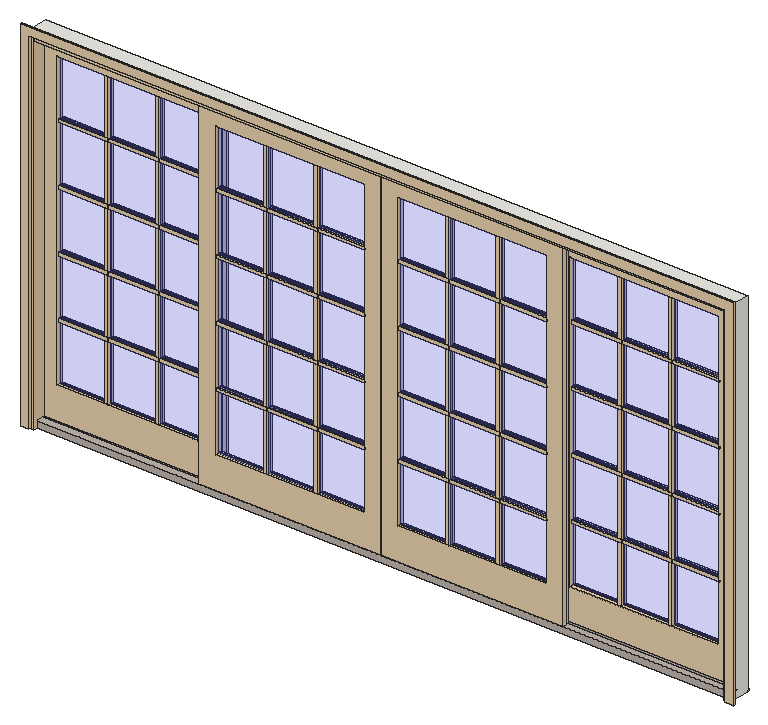
Revit family "2Door-Gliding-Andersen-400_Series-Quad", category Doors, host Wall, Revit 2013 (continued)
Dimensions and locks (in)
  "casing2": plane 20 "R Casing 4" to plane 18 "R Casing 2"
  "casing3": plane 20 "R Casing 4" to plane 19 "R Casing 3"
  "casing1": plane 29 "T Casing 1" to plane 5 "T Frame"
  "casing4": plane 5 "T Frame" to plane 32 "T Casing 4"
  "casing2": plane 30 "T Casing 2" to plane 32 "T Casing 4"
  "casing3": plane 31 "T Casing 3" to plane 32 "T Casing 4"
  locked: plane 3 "R Frame" to plane 35 "R Xjamb 2" at 0.125
  locked: plane 3 "R Frame" to plane 36 "R Xjamb 1" at 0.75
  "Interior Trim Size": plane 34 "R Int Casing" to plane 36 "R Xjamb 1"
  locked: plane 38 "L Xjamb 2" to plane 4 "L Frame" at 0.125
  locked: plane 39 "L Xjamb 1" to plane 4 "L Frame" at 0.75
  "Interior Trim Size": plane 39 "L Xjamb 1" to plane 37 "L Int Casing"
  locked: plane 41 "T Xjamb 2" to plane 5 "T Frame" at 0.125
  locked: plane 42 "T Xjamb 1" to plane 5 "T Frame" at 0.75
  locked: plane 42 "T Xjamb 1" to plane 40 "T Int Casing" at 2.25
  plane 45 "T Panel" to plane 5 "T Frame" = 0' - 1 5/32"
  plane 3 "R Frame" to plane 44 "R Panel" = 0' - 0 15/16"
  locked: plane 43 "L Panel" to plane 4 "L Frame" at 0.938
  locked: plane 51 "Panel1 S1" to plane 52 "Panel1 S2" at 1.71875
  "xjamb S1": plane 53 "Xjamb S1" to plane 9 "Frame S2"
  locked: Extrusion 2 to host wall at 12
  "Void Depth": plane 14 "Exterior Offset" to Extrusion 2
  "Wall Thickness": host wall to host wall
  "Wall Depth": host wall to plane 10 "Flange"
  "casingS1": plane 13 "Casing S1" to plane 11 "Frame S1"
  "Frame Depth": plane 54 "Frame S2 Ext" to plane 9 "Frame S2"
  locked: plane 54 "Frame S2 Ext" to plane 55 "Stop Exterior" at 3.33265
  "Panel Height": plane 46 "B Panel" to plane 45 "T Panel"
  "Sill Interior Offset": plane 9 "Frame S2" to plane 57 "Sill Interior"
  locked: plane 54 "Frame S2 Ext" to plane 11 "Frame S1" at 0
  "Sill Depth": plane 58 "Sill Exterior" to plane 57 "Sill Interior"
  plane 61 "T Stop" to plane 42 "T Xjamb 1" = 0' - 1.05152"
  "Sill Height": level to plane 62 "Sill Height"
  plane 52 "Panel1 S2" to plane 9 "Frame S2" = 0' - 0.75634"
  locked: plane 63 "Panel2 S1" to plane 64 "Panel2 S2" at 1.71875
  locked: plane 54 "Frame S2 Ext" to plane 63 "Panel2 S1" at 1.01525
  locked: plane 55 "Stop Exterior" to plane 56 "Stop Interior" at 0.38604
  "Panel Width": plane 44 "R Panel" to plane 65 "RS Panel Width"
  locked: plane 4 "L Frame" to curve 16 at 1.625
  locked: curve 17 to plane 3 "R Frame" at 1.625
  locked: plane 5 "T Frame" to curve 18 at 1.625
  "Panel Width": plane 66 "LS Panel Width" to plane 43 "L Panel"
  locked: plane 67 "RS Panel Jamb" to plane 65 "RS Panel Width" at 4.4375
  locked: plane 66 "LS Panel Width" to plane 68 "LS Panel Glazing" at 4.4375
  locked: plane 51 "Panel1 S1" to plane 70 "Panel 1 Glazing 2" at 0.40625
  locked: plane 69 "Panel 1 Glazing 1" to plane 52 "Panel1 S2" at 0.5625
  locked: plane 63 "Panel2 S1" to plane 72 "Panel 2 Glazing 1" at 0.40625
  locked: plane 71 "Panel 2 Glazing 2" to plane 64 "Panel2 S2" at 0.5625
  locked: curve 90 to plane 70 "Panel 1 Glazing 2" at 0.125
  locked: curve 89 to plane 69 "Panel 1 Glazing 1" at 0.125
  locked: curve 91 to plane 71 "Panel 2 Glazing 2" at 0.125
  locked: plane 72 "Panel 2 Glazing 1" to curve 92 at 0.125
  locked: plane 48 "T Glazing" to curve 106 at 0.88911
  locked: plane 72 "Panel 2 Glazing 1" to curve 111 at 0.125
  locked: curve 112 to plane 71 "Panel 2 Glazing 2" at 0.125
  locked: plane 70 "Panel 1 Glazing 2" to curve 113 at 0.125
  locked: curve 114 to plane 69 "Panel 1 Glazing 1" at 0.125
  equal spacing: plane 45 "T Panel", plane 73 "Panel Elevation Center", plane 46 "B Panel"
  "JGO": plane 3 "R Frame" to plane 50 "R Glazing"
  "JGO": plane 49 "L Glazing" to plane 4 "L Frame"
  "HGO": plane 48 "T Glazing" to plane 5 "T Frame"
  "SGO": plane 47 "B Glazing" to level
  plane 68 "LS Panel Glazing" to plane 49 "L Glazing" = 3' - 4.188"
  "TS V Bar Length": plane 74 "Vertical Bar Length" to plane 48 "T Glazing"
  plane 74 "Vertical Bar Length" to plane 48 "T Glazing" = 6' - 7 3/8"
  locked: plane 59 "L Stop" to plane 43 "L Panel" at 0.78125
  plane 50 "R Glazing" to nested 2 to plane 67 "RS Panel Jamb" = 1' - 8 3/32", 1' - 8 3/32"
  plane 74 "Vertical Bar Length" to nested 1 to plane 48 "T Glazing" = 3' - 3 11/16", 3' - 3 11/16"
  curve 124 to curve 123 = 0' - 4.22092"
  locked: plane 75 "L Slide Arrow" to curve 122 at 6.95654
  locked: plane 75 "L Slide Arrow" to curve 123 at 2.69739
  locked: plane 75 "L Slide Arrow" to curve 124 at 2.69739
  locked: plane 73 "Panel Elevation Center" to curve 123 at 2.11046
  locked: curve 124 to plane 73 "Panel Elevation Center" at 2.11046
  Sweep 16 sketch curve to Sweep 16 sketch curve to Sweep 16 sketch curve to Sweep 16 sketch curve to Sweep 16 sketch curve to Sweep 16 sketch curve to plane 53 "Xjamb S1" = 0' - 0.99876" locked, 0' - 0.01526" locked, 0' - 1.71997" locked, 0' - 0.22956" locked, 0' - 0.05789" locked, 0' - 2.85355" locked
  locked: Sweep 7 sketch curve to plane 53 "Xjamb S1" at 5.874
  Sweep 7 sketch curve to Sweep 7 sketch curve to Sweep 7 sketch curve to plane 53 "Xjamb S1" = 0' - 0.391" locked, 0' - 1.9178" locked, 0' - 0.6897" locked
  Sweep 7 sketch curve to Sweep 7 sketch curve to plane 5 "T Frame" = 0' - 0.807" locked, 0' - 1" locked
  Sweep 7 sketch curve to Sweep 7 sketch curve to plane 5 "T Frame" = 0' - 0 3/4" locked, 0' - 1" locked
  locked: plane 10 "Flange" to plane 9 "Frame S2" at 4.5625
  Sweep 9 sketch curve to Sweep 9 sketch curve to Sweep 9 sketch curve to Sweep 9 sketch curve to Sweep 9 sketch curve to Sweep 9 sketch curve to plane 9 "Frame S2" = 0' - 1.33779" locked, 0' - 1.774" locked, 0' - 0.61624" locked, 0' - 0.365" locked, 0' - 1.416" locked, 0' - 0.74376" locked
  Sweep 9 sketch curve to Sweep 9 sketch curve to Sweep 9 sketch curve to Sweep 9 sketch curve to Sweep 9 sketch curve to Sweep 9 sketch curve to level = 0' - 0.81928" locked, 0' - 0.63582" locked, 0' - 0.03427" locked, 0' - 0.06195" locked, 0' - 0.04435" locked, 0' - 0.3616" locked
  locked: Sweep 9 sketch curve to level at 1.97899
  locked: plane 3 "R Frame" to plane 60 "R Stop" at 1.719
  plane 44 "R Panel" to plane 50 "R Glazing" = 0' - 4 3/8"
  locked: plane 48 "T Glazing" to curve 155 at 0.88911
  locked: plane 76 "RA Panel Glazing" to plane 79 "LA Panel Width" at 4.4375
  locked: plane 78 "RA Panel Width" to plane 77 "LA Panel Glazing" at 4.4375
  "Panel Width": plane 78 "RA Panel Width" to plane 68 "LS Panel Glazing"
  "Panel Width": plane 67 "RS Panel Jamb" to plane 79 "LA Panel Width"
  plane 54 "Frame S2 Ext" to Sweep 16 sketch curve to Sweep 16 sketch curve to Sweep 16 sketch curve to Sweep 16 sketch curve to Sweep 16 sketch curve = 0' - 0.99876" locked, 0' - 0.01526" locked, 0' - 1.71997" locked, 0' - 0.22956" locked, 0' - 0.05789" locked
  plane 3 "R Frame" to Sweep 16 sketch curve to Sweep 16 sketch curve to Sweep 16 sketch curve = 0' - 0.938" locked, 0' - 0.437" locked, 0' - 0.344" locked
  locked: plane 3 "R Frame" to Sweep 16 sketch curve at 1.375
  equal spacing: plane 76 "RA Panel Glazing", nested 3, plane 65 "RS Panel Width"  (x2)
  equal spacing: plane 74 "Vertical Bar Length", nested 1, plane 48 "T Glazing"
  equal spacing: group 22, group 38, group 39, group 23  (x2)
  equal spacing: group 23, group 39, group 38, group 22
  "VGB DLO": plane 76 "RA Panel Glazing" to nested 5
  group 25 to group 24 = 1' - 1 19/32"
  group 24 to group 25 = 0' - 0"  (x2)
  "VGB DLO": nested 6 to plane 65 "RS Panel Width"
  "TS SH DLO": nested 7 to plane 5 "T Frame"
  "TS HGB DLO": nested 8 to plane 48 "T Glazing"
  equal spacing: group 26, group 40, group 41, group 27  (x2)
  equal spacing: group 27, group 41, group 40, group 26
  "TS HGB DLO": plane 74 "Vertical Bar Length" to nested 9
  equal spacing: plane 66 "LS Panel Width", nested 10, plane 77 "LA Panel Glazing"
  "VGB DLO": plane 66 "LS Panel Width" to nested 11
  group 29 to group 28 = 1' - 1 19/32"
  group 28 to group 29 = 0' - 0"  (x2)
  "VGB DLO": nested 12 to plane 77 "LA Panel Glazing"
  "TS SH DLO": nested 13 to plane 5 "T Frame"
  "TS HGB DLO": nested 14 to plane 48 "T Glazing"
  equal spacing: group 30, group 42, group 43, group 31  (x2)
  equal spacing: group 31, group 43, group 42, group 30
  "TS HGB DLO": plane 74 "Vertical Bar Length" to nested 15
  equal spacing: plane 68 "LS Panel Glazing", nested 16, plane 49 "L Glazing"
  "VGB DLO": plane 49 "L Glazing" to nested 17
  group 33 to group 32 = 1' - 1.65675"
  group 32 to group 33 = 0' - 0"  (x2)
  "VGB DLO": nested 18 to plane 68 "LS Panel Glazing"
  "TS SH DLO": nested 19 to plane 5 "T Frame"
  "TS HGB DLO": nested 20 to plane 48 "T Glazing"
  equal spacing: group 34, group 44, group 45, group 35  (x2)
  equal spacing: group 35, group 45, group 44, group 34
  "TS HGB DLO": plane 74 "Vertical Bar Length" to nested 21
  equal spacing: plane 74 "Vertical Bar Length", nested 22, plane 48 "T Glazing"
  equal spacing: plane 74 "Vertical Bar Length", nested 23, plane 48 "T Glazing"
  equal spacing: plane 74 "Vertical Bar Length", nested 24, plane 48 "T Glazing"
  curve 273 to curve 272 = 0' - 4.22092"
  locked: plane 80 "R Slide Arrow" to curve 271 at 6.95654
  locked: plane 80 "R Slide Arrow" to curve 272 at 2.69739
  locked: plane 80 "R Slide Arrow" to curve 273 at 2.69739
  locked: plane 73 "Panel Elevation Center" to curve 272 at 2.11046
  locked: curve 273 to plane 73 "Panel Elevation Center" at 2.11046
  locked: plane 66 "LS Panel Width" to curve 279 at 1
  locked: curve 281 to plane 65 "RS Panel Width" at 1
  equal spacing: plane 21 "R Masonry Opening", plane 2 "Center (Left/Right)", plane 22 "L Masonry Opening"
  "Masonry Width": plane 21 "R Masonry Opening" to plane 22 "L Masonry Opening"
  "Rough Height": level to plane 28 "T Rough Opening"
  "Masonry Height": level to plane 33 "T Masonry Opening"
  locked: plane 76 "RA Panel Glazing" to plane 80 "R Slide Arrow" at 7
  locked: plane 75 "L Slide Arrow" to plane 77 "LA Panel Glazing" at 7
  group 36 to group 37 = 1' - 1 21/32"
  group 36 to group 37 = 0' - 0"  (x2)
  "VGB DLO": nested 25 to plane 67 "RS Panel Jamb"
  "VGB DLO": plane 50 "R Glazing" to nested 4
  "TS SH DLO": nested 26 to plane 5 "T Frame"
  "TS HGB DLO": nested 27 to plane 48 "T Glazing"
  "TS HGB DLO": plane 74 "Vertical Bar Length" to nested 28
  equal spacing: plane 50 "R Glazing", nested 2, plane 67 "RS Panel Jamb"
  aligned and locked: plane 6 "Wall S1" to host wall
  aligned and locked: plane 7 "Wall S2" to host wall
  aligned and locked: Extrusion 1 sketch curve to plane 5 "T Frame"
  aligned and locked: plane 4 "L Frame" to Extrusion 1 sketch curve
  aligned and locked: Extrusion 1 sketch curve to plane 3 "R Frame"
  aligned and locked: level to Extrusion 1 sketch curve
  aligned and locked: Extrusion 1 to host wall
  aligned and locked: Extrusion 1 to plane 10 "Flange"
  aligned and locked: level to Extrusion 2 sketch curve
  aligned and locked: level to Sweep 3 sketch curve  (x2)
  aligned and locked: plane 23 "L Casing 4" to Sweep 3 sketch curve  (x2)
  aligned and locked: Sweep 3 sketch curve to plane 32 "T Casing 4"
  aligned and locked: Sweep 3 sketch curve to plane 20 "R Casing 4"
  aligned and locked: plane 24 "L Casing 3" to Sweep 3 sketch curve
  aligned and locked: Sweep 3 sketch curve to plane 12 "Casing S2"
  aligned and locked: plane 25 "L Casing 2" to Sweep 3 sketch curve
  aligned and locked: plane 13 "Casing S1" to Sweep 3 sketch curve
  aligned and locked: Sweep 3 sketch curve to plane 10 "Flange"
  aligned and locked: Sweep 3 sketch curve to plane 26 "L Casing 1"
  aligned and locked: plane 12 "Casing S2" to Sweep 3 sketch curve
  aligned and locked: level to Extrusion 4 sketch curve  (x2)
  aligned and locked: plane 23 "L Casing 4" to Extrusion 4 sketch curve
  aligned and locked: Extrusion 4 sketch curve to plane 26 "L Casing 1"
  aligned and locked: Extrusion 4 sketch curve to plane 32 "T Casing 4"
  aligned and locked: Extrusion 4 sketch curve to plane 29 "T Casing 1"
  aligned and locked: Extrusion 4 sketch curve to plane 20 "R Casing 4"
  aligned and locked: plane 17 "R Casing 1" to Extrusion 4 sketch curve
  aligned and locked: Extrusion 4 to plane 10 "Flange"
  aligned and locked: plane 12 "Casing S2" to Sweep 3
  aligned and locked: plane 29 "T Casing 1" to curve 3
  aligned and locked: plane 5 "T Frame" to Masking region 1 sketch curve
  aligned and locked: Masking region 1 sketch curve to plane 10 "Flange"
  aligned and locked: Masking region 1 sketch curve to plane 32 "T Casing 4"
  aligned and locked: plane 13 "Casing S1" to Masking region 1 sketch curve
  aligned and locked: Masking region 1 sketch curve to level
  aligned and locked: Masking region 1 sketch curve to plane 11 "Frame S1"
  aligned and locked: plane 11 "Frame S1" to curve 4
  aligned and locked: Masking region 2 sketch curve to plane 3 "R Frame"
  aligned and locked: plane 4 "L Frame" to Masking region 2 sketch curve
  aligned and locked: plane 5 "T Frame" to Masking region 3 sketch curve
  aligned and locked: plane 9 "Frame S2" to Masking region 3 sketch curve
  aligned and locked: Masking region 3 sketch curve to plane 11 "Frame S1"
  aligned and locked: level to Masking region 3 sketch curve
  aligned and locked: plane 13 "Casing S1" to Masking region 4 sketch curve
  aligned and locked: plane 19 "R Casing 3" to Masking region 4 sketch curve
  aligned and locked: Masking region 4 sketch curve to plane 20 "R Casing 4"
  aligned and locked: plane 17 "R Casing 1" to Masking region 4 sketch curve
  aligned and locked: plane 11 "Frame S1" to Masking region 4 sketch curve
  aligned and locked: plane 3 "R Frame" to Masking region 4 sketch curve
  aligned and locked: Masking region 4 sketch curve to plane 12 "Casing S2"
  aligned and locked: plane 18 "R Casing 2" to Masking region 4 sketch curve
  aligned and locked: Masking region 4 sketch curve to plane 13 "Casing S1"
  aligned and locked: plane 25 "L Casing 2" to Masking region 5 sketch curve
  aligned and locked: Masking region 5 sketch curve to plane 13 "Casing S1"  (x2)
  aligned and locked: Masking region 5 sketch curve to plane 23 "L Casing 4"
  aligned and locked: plane 4 "L Frame" to Masking region 5 sketch curve
  aligned and locked: plane 11 "Frame S1" to Masking region 5 sketch curve
  aligned and locked: plane 26 "L Casing 1" to Masking region 5 sketch curve
  aligned and locked: Masking region 5 sketch curve to plane 12 "Casing S2"
  aligned and locked: plane 24 "L Casing 3" to Masking region 5 sketch curve
  aligned and locked: Masking region 6 sketch curve to plane 13 "Casing S1"
  aligned and locked: Masking region 6 sketch curve to plane 20 "R Casing 4"
  aligned and locked: plane 10 "Flange" to Masking region 6 sketch curve
  aligned and locked: plane 3 "R Frame" to Masking region 6 sketch curve
  aligned and locked: plane 13 "Casing S1" to Masking region 7 sketch curve
  aligned and locked: Masking region 7 sketch curve to plane 4 "L Frame"
  aligned and locked: Masking region 7 sketch curve to plane 10 "Flange"
  aligned and locked: plane 23 "L Casing 4" to Masking region 7 sketch curve
  aligned and locked: curve 4 to plane 5 "T Frame"
  aligned and locked: level to Extrusion 5 sketch curve  (x2)
  aligned and locked: Extrusion 5 sketch curve to plane 34 "R Int Casing"
  aligned and locked: plane 36 "R Xjamb 1" to Extrusion 5 sketch curve
  aligned and locked: Extrusion 5 sketch curve to plane 40 "T Int Casing"
  aligned and locked: Extrusion 5 sketch curve to plane 42 "T Xjamb 1"
  aligned and locked: plane 37 "L Int Casing" to Extrusion 5 sketch curve
  aligned and locked: Extrusion 5 sketch curve to plane 39 "L Xjamb 1"
  aligned and locked: Extrusion 5 to host wall
  aligned and locked: Extrusion 5 to plane 8 "Interior Casing"
  aligned and locked: level to Extrusion 6 sketch curve  (x2)
  aligned and locked: plane 36 "R Xjamb 1" to Extrusion 6 sketch curve
  aligned and locked: Extrusion 6 sketch curve to plane 35 "R Xjamb 2"
  aligned and locked: Extrusion 6 sketch curve to plane 42 "T Xjamb 1"
  aligned and locked: Extrusion 6 sketch curve to plane 41 "T Xjamb 2"
  aligned and locked: Extrusion 6 sketch curve to plane 39 "L Xjamb 1"
  aligned and locked: plane 38 "L Xjamb 2" to Extrusion 6 sketch curve
  aligned and locked: Extrusion 6 to plane 53 "Xjamb S1"
  aligned and locked: Extrusion 6 to host wall
  aligned and locked: plane 10 "Flange" to Masking region 4 sketch curve
  aligned and locked: plane 10 "Flange" to Masking region 5 sketch curve
  aligned and locked: Sweep 7 sketch curve to plane 5 "T Frame"
  aligned and locked: Sweep 8 sketch curve to plane 5 "T Frame"
  aligned and locked: plane 4 "L Frame" to Sweep 8 sketch curve  (x2)
  aligned and locked: Sweep 8 sketch curve to plane 3 "R Frame"
  aligned and locked: Sweep 8 sketch curve to plane 9 "Frame S2"
  aligned and locked: plane 4 "L Frame" to Sweep 9 sketch curve
  aligned and locked: plane 3 "R Frame" to Sweep 9 sketch curve
  aligned and locked: Sweep 9 sketch curve to level
  aligned and locked: plane 4 "L Frame" to Sweep 10 sketch curve
  aligned and locked: plane 3 "R Frame" to Sweep 10 sketch curve
  aligned and locked: Sweep 10 sketch curve to plane 46 "B Panel"
  aligned and locked: plane 57 "Sill Interior" to Sweep 10 sketch curve
  aligned and locked: Sweep 10 sketch curve to plane 58 "Sill Exterior"
  aligned and locked: plane 46 "B Panel" to Sweep 10 sketch curve
  aligned and locked: level to Sweep 10 sketch curve
  aligned and locked: plane 42 "T Xjamb 1" to curve 6
  aligned and locked: Masking region 2 sketch curve to plane 57 "Sill Interior"
  aligned and locked: plane 9 "Frame S2" to curve 10
  aligned and locked: Masking region 8 sketch curve to plane 20 "R Casing 4"
  aligned and locked: plane 23 "L Casing 4" to Masking region 8 sketch curve
  aligned and locked: level to Masking region 8 sketch curve  (x2)
  aligned and locked: level to Masking region 9 sketch curve  (x2)
  aligned and locked: plane 37 "L Int Casing" to Masking region 9 sketch curve
  aligned and locked: Masking region 9 sketch curve to plane 34 "R Int Casing"
  aligned and locked: Masking region 9 sketch curve to plane 40 "T Int Casing"
  aligned and locked: Masking region 8 sketch curve to plane 32 "T Casing 4"
  aligned and locked: Masking region 10 sketch curve to plane 60 "R Stop"
  aligned and locked: plane 59 "L Stop" to Masking region 10 sketch curve
  aligned and locked: level to Masking region 10 sketch curve
  aligned and locked: Masking region 10 sketch curve to plane 61 "T Stop"
  aligned and locked: Masking region 10 sketch curve to plane 3 "R Frame"
  aligned and locked: Masking region 10 sketch curve to plane 5 "T Frame"
  aligned and locked: plane 4 "L Frame" to Masking region 10 sketch curve
  aligned and locked: curve 13 to plane 36 "R Xjamb 1"
  aligned and locked: curve 14 to plane 39 "L Xjamb 1"
  aligned and locked: plane 12 "Casing S2" to curve 2
  aligned and locked: plane 4 "L Frame" to curve 16
  aligned and locked: Sweep 3 to plane 10 "Flange"
  aligned and locked: plane 5 "T Frame" to curve 18
  aligned and locked: Masking region 9 sketch curve to plane 39 "L Xjamb 1"
  aligned and locked: plane 36 "R Xjamb 1" to Masking region 9 sketch curve
  aligned and locked: Masking region 9 sketch curve to plane 42 "T Xjamb 1"
  aligned and locked: plane 4 "L Frame" to Masking region 11 sketch curve
  aligned and locked: Masking region 11 sketch curve to plane 5 "T Frame"
  aligned and locked: Masking region 11 sketch curve to plane 3 "R Frame"
  aligned and locked: level to Masking region 11 sketch curve
  aligned and locked: Masking region 11 sketch curve to plane 46 "B Panel"
  aligned and locked: plane 59 "L Stop" to Masking region 11 sketch curve
  aligned and locked: Masking region 11 sketch curve to plane 60 "R Stop"
  aligned and locked: Masking region 11 sketch curve to plane 61 "T Stop"
  aligned and locked: plane 58 "Sill Exterior" to Sweep 8 sketch curve
  aligned and locked: Sweep 8 sketch curve to plane 43 "L Panel"
  aligned and locked: curve 33 to plane 5 "T Frame"
  aligned and locked: curve 32 to plane 57 "Sill Interior"
  aligned and locked: plane 66 "LS Panel Width" to Sweep 11 sketch curve
  aligned and locked: plane 43 "L Panel" to Sweep 11 sketch curve
  aligned and locked: plane 45 "T Panel" to Sweep 11 sketch curve  (x2)
  aligned and locked: Sweep 11 sketch curve to plane 48 "T Glazing"
  aligned and locked: level to curve 55
  aligned and locked: Sweep 12 sketch curve to plane 45 "T Panel"
  aligned and locked: plane 45 "T Panel" to Sweep 12 sketch curve
  aligned and locked: Sweep 12 sketch curve to plane 48 "T Glazing"
  aligned and locked: plane 48 "T Glazing" to Sweep 13 sketch curve
  aligned and locked: plane 2 "Center (Left/Right)" to Sweep 13 sketch curve
  aligned and locked: plane 47 "B Glazing" to Sweep 13 sketch curve
  aligned and locked: Sweep 13 sketch curve to plane 70 "Panel 1 Glazing 2"  (x2)
  aligned and locked: plane 69 "Panel 1 Glazing 1" to Sweep 13 sketch curve  (x2)
  aligned and locked: Sweep 13 sketch curve to plane 71 "Panel 2 Glazing 2"  (x2)
  aligned and locked: plane 72 "Panel 2 Glazing 1" to Sweep 13 sketch curve  (x2)
  aligned and locked: Sweep 13 sketch curve to plane 49 "L Glazing"
  aligned and locked: Masking region 10 sketch curve to plane 62 "Sill Height"
  aligned and locked: plane 66 "LS Panel Width" to Masking region 13 sketch curve
  aligned and locked: plane 45 "T Panel" to Sweep 14 sketch curve  (x2)
  aligned and locked: Sweep 14 sketch curve to plane 48 "T Glazing"
  aligned and locked: plane 45 "T Panel" to Sweep 15 sketch curve
  aligned and locked: plane 43 "L Panel" to Sweep 15 sketch curve
  aligned and locked: plane 66 "LS Panel Width" to Sweep 15 sketch curve
  aligned and locked: Sweep 15 sketch curve to plane 45 "T Panel"
  aligned and locked: plane 48 "T Glazing" to Sweep 15 sketch curve
  aligned and locked: plane 49 "L Glazing" to curve 75
  aligned and locked: curve 74 to plane 47 "B Glazing"
  aligned and locked: plane 68 "LS Panel Glazing" to curve 73
  aligned and locked: plane 48 "T Glazing" to curve 72
  aligned and locked: plane 52 "Panel1 S2" to curve 79
  aligned and locked: curve 77 to plane 51 "Panel1 S1"
  aligned and locked: curve 83 to plane 64 "Panel2 S2"
  aligned and locked: plane 43 "L Panel" to curve 84
  aligned and locked: curve 81 to plane 63 "Panel2 S1"
  aligned and locked: plane 66 "LS Panel Width" to curve 82
  aligned and locked: Sweep 13 to curve 85
  aligned and locked: Sweep 13 to curve 86
  aligned and locked: curve 87 to Sweep 13
  aligned and locked: Sweep 13 to curve 88
  aligned and locked: Masking region 13 sketch curve to plane 46 "B Panel"  (x2)
  aligned and locked: plane 43 "L Panel" to Masking region 13 sketch curve
  aligned and locked: plane 45 "T Panel" to Masking region 13 sketch curve
  aligned and locked: Masking region 12 sketch curve to plane 46 "B Panel"
  aligned and locked: plane 45 "T Panel" to Masking region 12 sketch curve
  aligned and locked: plane 64 "Panel2 S2" to curve 96
  aligned and locked: curve 95 to plane 46 "B Panel"
  aligned and locked: curve 94 to plane 63 "Panel2 S1"
  aligned and locked: plane 45 "T Panel" to curve 93
  aligned and locked: curve 98 to plane 51 "Panel1 S1"
  aligned and locked: curve 99 to plane 46 "B Panel"
  aligned and locked: plane 52 "Panel1 S2" to curve 100
  aligned and locked: plane 45 "T Panel" to curve 97
  aligned and locked: curve 101 to Sweep 13
  aligned and locked: curve 102 to Sweep 13
  aligned and locked: curve 103 to Sweep 13
  aligned and locked: curve 104 to Sweep 13
  aligned and locked: curve 116 to plane 4 "L Frame"
  aligned and locked: Masking region 14 sketch curve to plane 34 "R Int Casing"
  aligned and locked: Masking region 14 sketch curve to host wall
  aligned and locked: plane 36 "R Xjamb 1" to Masking region 14 sketch curve
  aligned and locked: plane 8 "Interior Casing" to Masking region 14 sketch curve
  aligned and locked: Masking region 15 sketch curve to plane 53 "Xjamb S1"
  aligned and locked: host wall to Masking region 15 sketch curve
  aligned and locked: Masking region 15 sketch curve to plane 35 "R Xjamb 2"
  aligned and locked: plane 36 "R Xjamb 1" to Masking region 15 sketch curve
  aligned and locked: host wall to Masking region 16 sketch curve
  aligned and locked: plane 37 "L Int Casing" to Masking region 16 sketch curve
  aligned and locked: Masking region 16 sketch curve to plane 8 "Interior Casing"
  aligned and locked: Masking region 16 sketch curve to plane 39 "L Xjamb 1"
  aligned and locked: Masking region 17 sketch curve to plane 39 "L Xjamb 1"
  aligned and locked: Masking region 17 sketch curve to host wall
  aligned and locked: plane 38 "L Xjamb 2" to Masking region 17 sketch curve
  aligned and locked: plane 53 "Xjamb S1" to Masking region 17 sketch curve
  aligned and locked: plane 7 "Wall S2" to Masking region 18 sketch curve
  aligned and locked: level to Masking region 18 sketch curve
  aligned and locked: plane 8 "Interior Casing" to Masking region 18 sketch curve
  aligned and locked: plane 40 "T Int Casing" to Masking region 18 sketch curve
  aligned and locked: plane 8 "Interior Casing" to curve 120
  aligned and locked: plane 42 "T Xjamb 1" to curve 120
  aligned and locked: Masking region 19 sketch curve to plane 53 "Xjamb S1"
  aligned and locked: level to Masking region 19 sketch curve
  aligned and locked: host wall to Masking region 19 sketch curve
  aligned and locked: plane 41 "T Xjamb 2" to Masking region 19 sketch curve
  aligned and locked: plane 53 "Xjamb S1" to curve 121
  aligned and locked: curve 121 to host wall
  aligned and locked: plane 42 "T Xjamb 1" to curve 121
  aligned and locked: plane 63 "Panel2 S1" to Sweep 15 sketch curve
  aligned and locked: Sweep 15 sketch curve to plane 72 "Panel 2 Glazing 1"
  aligned and locked: plane 64 "Panel2 S2" to Sweep 11 sketch curve
  aligned and locked: Sweep 11 sketch curve to plane 72 "Panel 2 Glazing 1"
  aligned and locked: Sweep 14 sketch curve to plane 51 "Panel1 S1"
  aligned and locked: plane 70 "Panel 1 Glazing 2" to Sweep 14 sketch curve
  aligned and locked: plane 52 "Panel1 S2" to Sweep 12 sketch curve
  aligned and locked: Sweep 12 sketch curve to plane 70 "Panel 1 Glazing 2"
  aligned and locked: plane 43 "L Panel" to curve 5
  aligned and locked: curve 122 to plane 73 "Panel Elevation Center"
  aligned and locked: plane 75 "L Slide Arrow" to curve 124
  aligned and locked: plane 53 "Xjamb S1" to curve 115
  aligned and locked: plane 5 "T Frame" to Sweep 16 sketch curve
  aligned and locked: Sweep 16 sketch curve to plane 4 "L Frame"
  aligned and locked: level to Sweep 16 sketch curve
  aligned and locked: Sweep 16 sketch curve to plane 53 "Xjamb S1"
  aligned and locked: plane 4 "L Frame" to Sweep 16 sketch curve
  aligned and locked: plane 4 "L Frame" to Sweep 7 sketch curve
  aligned and locked: plane 3 "R Frame" to Sweep 7 sketch curve
  aligned and locked: plane 53 "Xjamb S1" to Sweep 7 sketch curve
  aligned and locked: plane 5 "T Frame" to Sweep 7 sketch curve
  aligned and locked: plane 10 "Flange" to curve 16
  aligned and locked: plane 10 "Flange" to curve 17
  aligned and locked: plane 46 "B Panel" to Sweep 15 sketch curve  (x2)
  aligned and locked: plane 46 "B Panel" to Sweep 11 sketch curve  (x2)
  aligned and locked: plane 46 "B Panel" to Sweep 14 sketch curve  (x2)
  aligned and locked: plane 46 "B Panel" to Sweep 12 sketch curve  (x2)
  aligned and locked: plane 49 "L Glazing" to Sweep 17 sketch curve
  aligned and locked: plane 46 "B Panel" to Sweep 17 sketch curve
  aligned and locked: plane 64 "Panel2 S2" to Sweep 17 sketch curve
  aligned and locked: Sweep 17 sketch curve to plane 46 "B Panel"
  aligned and locked: Sweep 17 sketch curve to plane 72 "Panel 2 Glazing 1"
  aligned and locked: plane 46 "B Panel" to Sweep 18 sketch curve
  aligned and locked: Sweep 18 sketch curve to plane 46 "B Panel"
  aligned and locked: plane 52 "Panel1 S2" to Sweep 18 sketch curve
  aligned and locked: Sweep 18 sketch curve to plane 70 "Panel 1 Glazing 2"
  aligned and locked: plane 46 "B Panel" to Sweep 19 sketch curve
  aligned and locked: plane 72 "Panel 2 Glazing 1" to Sweep 19 sketch curve
  aligned and locked: Sweep 19 sketch curve to plane 46 "B Panel"
  aligned and locked: Sweep 19 sketch curve to plane 63 "Panel2 S1"
  aligned and locked: plane 46 "B Panel" to Sweep 20 sketch curve
  aligned and locked: plane 70 "Panel 1 Glazing 2" to Sweep 20 sketch curve
  aligned and locked: Sweep 20 sketch curve to plane 51 "Panel1 S1"
  aligned and locked: Sweep 20 sketch curve to plane 46 "B Panel"
  aligned and locked: plane 49 "L Glazing" to Sweep 19 sketch curve
  aligned and locked: curve 107 to plane 71 "Panel 2 Glazing 2"
  aligned and locked: plane 71 "Panel 2 Glazing 2" to curve 149
  aligned and locked: curve 156 to plane 69 "Panel 1 Glazing 1"
  aligned and locked: plane 69 "Panel 1 Glazing 1" to curve 163
  aligned and locked: curve 174 to plane 49 "L Glazing"
  aligned and locked: curve 148 to curve 111
  aligned and locked: curve 148 to curve 112
  aligned and locked: curve 162 to curve 114
  aligned and locked: curve 162 to curve 113
  aligned and locked: curve 155 to curve 113
  aligned and locked: curve 155 to curve 114
  aligned and locked: curve 106 to curve 111
  aligned and locked: curve 106 to curve 112
  aligned and locked: plane 71 "Panel 2 Glazing 2" to curve 189
  aligned and locked: curve 173 to plane 71 "Panel 2 Glazing 2"
  aligned and locked: curve 197 to plane 69 "Panel 1 Glazing 1"
  aligned and locked: plane 69 "Panel 1 Glazing 1" to curve 205
  aligned and locked: plane 68 "LS Panel Glazing" to curve 190
  aligned and locked: Masking region 2 sketch curve to plane 54 "Frame S2 Ext"
  aligned and locked: cut or joined group of Sweep 14, Sweep 20 to Sweep 20 sketch curve
  aligned and locked: Sweep 20 sketch curve to cut or joined group of Sweep 14, Sweep 20
  aligned and locked: Sweep 13 sketch curve to cut or joined group of Sweep 12, Sweep 18
  aligned and locked: Sweep 13 sketch curve to cut or joined group of Sweep 11, Sweep 17
  aligned and locked: cut or joined group of Sweep 12, Sweep 18 to Sweep 13 sketch curve
  aligned and locked: plane 54 "Frame S2 Ext" to curve 76
  aligned and locked: curve 5 to plane 54 "Frame S2 Ext"
  aligned and locked: plane 68 "LS Panel Glazing" to Sweep 12 sketch curve
  aligned and locked: Sweep 12 sketch curve to plane 78 "RA Panel Width"
  aligned and locked: Sweep 14 sketch curve to plane 68 "LS Panel Glazing"
  aligned and locked: plane 78 "RA Panel Width" to Sweep 14 sketch curve
  aligned and locked: Sweep 21 sketch curve to plane 45 "T Panel"
  aligned and locked: plane 79 "LA Panel Width" to Sweep 21 sketch curve
  aligned and locked: plane 67 "RS Panel Jamb" to Sweep 21 sketch curve
  aligned and locked: plane 46 "B Panel" to Sweep 21 sketch curve  (x2)
  aligned and locked: plane 45 "T Panel" to Sweep 21 sketch curve
  aligned and locked: plane 52 "Panel1 S2" to Sweep 21 sketch curve
  aligned and locked: Sweep 21 sketch curve to plane 48 "T Glazing"
  aligned and locked: Sweep 21 sketch curve to plane 70 "Panel 1 Glazing 2"
  aligned and locked: plane 45 "T Panel" to Sweep 22 sketch curve  (x2)
  aligned and locked: Sweep 22 sketch curve to plane 79 "LA Panel Width"
  aligned and locked: Sweep 22 sketch curve to plane 67 "RS Panel Jamb"
  aligned and locked: plane 46 "B Panel" to Sweep 22 sketch curve  (x2)
  aligned and locked: plane 70 "Panel 1 Glazing 2" to Sweep 22 sketch curve
  aligned and locked: Sweep 22 sketch curve to plane 51 "Panel1 S1"
  aligned and locked: Sweep 22 sketch curve to plane 48 "T Glazing"
  aligned and locked: Sweep 21 to Sweep 23 sketch curve
  aligned and locked: Sweep 23 sketch curve to Sweep 21
  aligned and locked: plane 46 "B Panel" to Sweep 23 sketch curve
  aligned and locked: Sweep 23 sketch curve to plane 46 "B Panel"
  aligned and locked: plane 52 "Panel1 S2" to Sweep 23 sketch curve
  aligned and locked: Sweep 23 sketch curve to plane 70 "Panel 1 Glazing 2"
  aligned and locked: plane 46 "B Panel" to Sweep 24 sketch curve
  aligned and locked: Sweep 24 sketch curve to Sweep 23  (x2)
  aligned and locked: Sweep 24 sketch curve to plane 46 "B Panel"
  aligned and locked: plane 70 "Panel 1 Glazing 2" to Sweep 24 sketch curve
  aligned and locked: Sweep 24 sketch curve to plane 51 "Panel1 S1"
  aligned and locked: Sweep 13 sketch curve to cut or joined group of Sweep 21, Sweep 23
  aligned and locked: cut or joined group of Sweep 21, Sweep 23 to Sweep 13 sketch curve
  aligned and locked: plane 65 "RS Panel Width" to Sweep 25 sketch curve
  aligned and locked: Sweep 25 sketch curve to plane 44 "R Panel"
  aligned and locked: Sweep 25 sketch curve to plane 45 "T Panel"
  aligned and locked: Sweep 25 sketch curve to plane 48 "T Glazing"
  aligned and locked: plane 64 "Panel2 S2" to Sweep 25 sketch curve
  aligned and locked: Sweep 25 sketch curve to plane 72 "Panel 2 Glazing 1"
  aligned and locked: plane 45 "T Panel" to Sweep 25 sketch curve
  aligned and locked: Sweep 26 sketch curve to plane 46 "B Panel"
  aligned and locked: plane 46 "B Panel" to Sweep 26 sketch curve
  aligned and locked: plane 65 "RS Panel Width" to Sweep 26 sketch curve
  aligned and locked: Sweep 26 sketch curve to plane 44 "R Panel"
  aligned and locked: Sweep 26 sketch curve to plane 45 "T Panel"
  aligned and locked: Sweep 27 sketch curve to Sweep 25
  aligned and locked: Sweep 25 to Sweep 27 sketch curve
  aligned and locked: Sweep 27 sketch curve to plane 46 "B Panel"  (x2)
  aligned and locked: plane 64 "Panel2 S2" to Sweep 27 sketch curve
  aligned and locked: Sweep 27 sketch curve to plane 72 "Panel 2 Glazing 1"
  aligned and locked: Sweep 28 sketch curve to Sweep 27  (x2)
  aligned and locked: Sweep 28 sketch curve to plane 46 "B Panel"  (x2)
  aligned and locked: plane 72 "Panel 2 Glazing 1" to Sweep 28 sketch curve
  aligned and locked: Sweep 28 sketch curve to plane 63 "Panel2 S1"
  aligned and locked: Sweep 13 sketch curve to cut or joined group of Sweep 26, Sweep 28
  aligned and locked: Sweep 13 sketch curve to cut or joined group of Sweep 25, Sweep 27
  aligned and locked: plane 66 "LS Panel Width" to curve 198
  aligned and locked: plane 77 "LA Panel Glazing" to curve 206
  aligned and locked: plane 3 "R Frame" to Sweep 16 sketch curve
  aligned and locked: plane 54 "Frame S2 Ext" to Sweep 16 sketch curve
  aligned and locked: Sweep 16 sketch curve to plane 9 "Frame S2"
  aligned and locked: curve 209 to plane 3 "R Frame"
  aligned and locked: plane 9 "Frame S2" to curve 208
  aligned and locked: curve 221 to plane 79 "LA Panel Width"
  aligned and locked: curve 219 to plane 67 "RS Panel Jamb"
  aligned and locked: curve 240 to plane 65 "RS Panel Width"
  aligned and locked: plane 76 "RA Panel Glazing" to curve 232
  aligned and locked: plane 65 "RS Panel Width" to curve 245
  aligned and locked: curve 256 to plane 67 "RS Panel Jamb"
  aligned and locked: curve 252 to curve 248
  aligned and locked: curve 252 to curve 249
  aligned and locked: curve 243 to plane 44 "R Panel"
  aligned and locked: curve 264 to plane 50 "R Glazing"
  aligned and locked: curve 260 to curve 248
  aligned and locked: curve 260 to curve 249
  aligned and locked: Masking region 12 sketch curve to plane 68 "LS Panel Glazing"
  aligned and locked: Masking region 12 sketch curve to plane 67 "RS Panel Jamb"
  aligned and locked: Masking region 13 sketch curve to plane 65 "RS Panel Width"
  aligned and locked: plane 44 "R Panel" to Masking region 13 sketch curve
  aligned and locked: Masking region 13 sketch curve to plane 45 "T Panel"
  aligned and locked: plane 48 "T Glazing" to curve 68
  aligned and locked: plane 77 "LA Panel Glazing" to curve 69
  aligned and locked: curve 71 to plane 66 "LS Panel Width"
  aligned and locked: plane 65 "RS Panel Width" to curve 269
  aligned and locked: plane 2 "Center (Left/Right)" to curve 270
  aligned and locked: plane 46 "B Panel" to curve 270
  aligned and locked: plane 61 "T Stop" to curve 270
  aligned and locked: plane 76 "RA Panel Glazing" to curve 267
  aligned and locked: nested 5 to plane 48 "T Glazing"
  aligned and locked: nested 6 to plane 48 "T Glazing"
  aligned and locked: plane 76 "RA Panel Glazing" to nested 7
  aligned and locked: plane 76 "RA Panel Glazing" to nested 8
  aligned and locked: plane 76 "RA Panel Glazing" to nested 9
  aligned and locked: nested 10 to plane 48 "T Glazing"
  aligned and locked: nested 11 to plane 48 "T Glazing"
  aligned and locked: nested 12 to plane 48 "T Glazing"
  aligned and locked: plane 66 "LS Panel Width" to nested 13
  aligned and locked: plane 66 "LS Panel Width" to nested 14
  aligned and locked: plane 66 "LS Panel Width" to nested 15
  aligned and locked: nested 16 to plane 48 "T Glazing"
  aligned and locked: nested 17 to plane 48 "T Glazing"
  aligned and locked: nested 19 to plane 49 "L Glazing"
  aligned and locked: nested 20 to plane 49 "L Glazing"
  aligned and locked: nested 21 to plane 49 "L Glazing"
  aligned and locked: nested 18 to plane 48 "T Glazing"
  aligned and locked: plane 76 "RA Panel Glazing" to nested 22
  aligned and locked: plane 66 "LS Panel Width" to nested 23
  aligned and locked: nested 24 to plane 49 "L Glazing"
  aligned and locked: curve 255 to plane 71 "Panel 2 Glazing 2"
  aligned and locked: plane 71 "Panel 2 Glazing 2" to curve 263
  aligned and locked: curve 231 to plane 69 "Panel 1 Glazing 1"
  aligned and locked: plane 64 "Panel2 S2" to curve 48
  aligned and locked: plane 69 "Panel 1 Glazing 1" to curve 239
  aligned and locked: plane 73 "Panel Elevation Center" to curve 271
  aligned and locked: curve 273 to plane 80 "R Slide Arrow"
  aligned and locked: curve 275 to plane 50 "R Glazing"
  aligned and locked: Split face 1 sketch curve to cut or joined group of Sweep 7, Sweep 16
  aligned and locked: Split face 3 sketch curve to cut or joined group of Sweep 7, Sweep 16
  aligned and locked: plane 47 "B Glazing" to Sweep 24 sketch curve
  aligned and locked: plane 47 "B Glazing" to Sweep 23 sketch curve
  aligned and locked: plane 47 "B Glazing" to Sweep 28 sketch curve
  aligned and locked: plane 47 "B Glazing" to Sweep 27 sketch curve
  aligned and locked: plane 47 "B Glazing" to Sweep 20 sketch curve
  aligned and locked: plane 47 "B Glazing" to Sweep 18 sketch curve
  aligned and locked: plane 47 "B Glazing" to Sweep 19 sketch curve
  aligned and locked: plane 47 "B Glazing" to Sweep 17 sketch curve
  aligned and locked: curve 276 to plane 47 "B Glazing"
  aligned and locked: curve 70 to plane 47 "B Glazing"
  aligned and locked: plane 46 "B Panel" to Sweep 29 sketch curve
  aligned and locked: Sweep 29 sketch curve to plane 79 "LA Panel Width"
  aligned and locked: Sweep 29 sketch curve to curve 213
  aligned and locked: Sweep 29 sketch curve to curve 214
  aligned and locked: Sweep 29 sketch curve to curve 217
  aligned and locked: Sweep 29 sketch curve to curve 216
  aligned and locked: Split face 1 to Sweep 29 sketch curve
  aligned and locked: Sweep 29 sketch curve to curve 212
  aligned and locked: plane 3 "R Frame" to Sweep 29 sketch curve
  aligned and locked: Sweep 29 sketch curve to plane 9 "Frame S2"  (x2)
  aligned and locked: plane 54 "Frame S2 Ext" to Sweep 29 sketch curve  (x2)
  aligned and locked: plane 4 "L Frame" to Sweep 29 sketch curve
  aligned and locked: Sweep 29 sketch curve to curve 126
  aligned and locked: curve 125 to Sweep 29 sketch curve
  aligned and locked: Sweep 29 sketch curve to Sweep 8
  aligned and locked: Sweep 29 sketch curve to curve 129
  aligned and locked: curve 128 to Sweep 29 sketch curve
  aligned and locked: Sweep 29 sketch curve to Split face 4
  aligned and locked: curve 119 to Sweep 29 sketch curve
  aligned and locked: Sweep 30 sketch curve to plane 79 "LA Panel Width"
  aligned and locked: plane 46 "B Panel" to Sweep 30 sketch curve
  aligned and locked: plane 3 "R Frame" to Sweep 30 sketch curve
  aligned and locked: plane 11 "Frame S1" to Sweep 30 sketch curve
  aligned and locked: Sweep 30 sketch curve to Sweep 8  (x2)
  aligned and locked: Sweep 30 sketch curve to plane 9 "Frame S2"
  aligned and locked: Sweep 30 sketch curve to plane 4 "L Frame"
  aligned and locked: Sweep 30 sketch curve to plane 54 "Frame S2 Ext"
  aligned and locked: plane 9 "Frame S2" to Sweep 30 sketch curve
  aligned and locked: Split face 7 sketch curve to plane 64 "Panel2 S2"
  aligned and locked: Split face 5 sketch curve to plane 64 "Panel2 S2"
  aligned and locked: Split face 6 sketch curve to plane 64 "Panel2 S2"
  aligned and locked: Split face 4 sketch curve to plane 51 "Panel1 S1"  (x2)
  aligned and locked: Split face 4 sketch curve to plane 67 "RS Panel Jamb"
  aligned and locked: plane 52 "Panel1 S2" to Split face 4 sketch curve
  aligned and locked: Split face 4 sketch curve to plane 68 "LS Panel Glazing"
  aligned and locked: plane 51 "Panel1 S1" to curve 278
  aligned and locked: plane 51 "Panel1 S1" to curve 279
  aligned and locked: plane 64 "Panel2 S2" to curve 278
  aligned and locked: plane 64 "Panel2 S2" to curve 279
  aligned and locked: curve 278 to plane 66 "LS Panel Width"
  aligned and locked: plane 64 "Panel2 S2" to curve 281
  aligned and locked: plane 64 "Panel2 S2" to curve 280
  aligned and locked: plane 51 "Panel1 S1" to curve 281
  aligned and locked: plane 51 "Panel1 S1" to curve 280
  aligned and locked: plane 65 "RS Panel Width" to curve 280
  aligned and locked: plane 31 "T Casing 3" to curve 1
  aligned and locked: plane 13 "Casing S1" to curve 1
  aligned and locked: plane 9 "Frame S2" to curve 8
  aligned and locked: plane 13 "Casing S1" to curve 4
  aligned and locked: plane 13 "Casing S1" to curve 282
  aligned and locked: plane 10 "Flange" to curve 282
  aligned and locked: plane 32 "T Casing 4" to curve 282
  aligned and locked: plane 9 "Frame S2" to curve 283
  aligned and locked: curve 284 to plane 13 "Casing S1"
  aligned and locked: curve 284 to plane 10 "Flange"
  aligned and locked: plane 23 "L Casing 4" to curve 284
  aligned and locked: curve 285 to plane 54 "Frame S2 Ext"
  aligned and locked: curve 285 to plane 9 "Frame S2"
  aligned and locked: plane 4 "L Frame" to curve 285
  aligned and locked: plane 13 "Casing S1" to curve 286
  aligned and locked: plane 10 "Flange" to curve 286
  aligned and locked: plane 54 "Frame S2 Ext" to curve 287
  aligned and locked: plane 9 "Frame S2" to curve 287
  aligned and locked: plane 20 "R Casing 4" to curve 286
  aligned and locked: plane 3 "R Frame" to curve 287
  aligned and locked: plane 4 "L Frame" to Masking region 8 sketch curve
  aligned and locked: Masking region 8 sketch curve to plane 5 "T Frame"
  aligned and locked: Masking region 8 sketch curve to plane 3 "R Frame"
  aligned and locked: curve 11 to plane 46 "B Panel"
  aligned and locked: plane 46 "B Panel" to curve 12
  aligned and locked: nested 3 to plane 74 "Vertical Bar Length"
  aligned and locked: nested 2 to plane 74 "Vertical Bar Length"
  aligned and locked: nested 25 to plane 48 "T Glazing"
  aligned and locked: nested 4 to plane 48 "T Glazing"
  aligned and locked: nested 1 to plane 50 "R Glazing"
  aligned and locked: nested 26 to plane 50 "R Glazing"
  aligned and locked: nested 27 to plane 50 "R Glazing"
  aligned and locked: nested 28 to plane 50 "R Glazing"
Automatic sketch dimensions
  curve 5 to curve 5 = 0' - 5 7/8"
  curve 118 to curve 119 = 0' - 3.141"
  curve 118 to curve 118 = 0' - 0.344"
  curve 117 to curve 116 = 0' - 0.938"
  curve 116 to curve 117 = 0' - 0.99876"
  curve 117 to curve 118 = 0' - 1.73524"
  curve 125 to curve 129 = 0' - 0"
  curve 125 to curve 125 = 0' - 0.437"
  curve 128 to curve 129 = 0' - 0.437"
  curve 125 to curve 127 = 0' - 0.938"
  curve 129 to curve 125 = 0' - 2.02269"
  curve 128 to curve 129 = 0' - 0.05789"
  curve 128 to curve 128 = 0' - 0.28745"
  curve 125 to curve 127 = 0' - 0.99876"
  curve 118 to curve 117 = 0' - 0.22956"
  curve 118 to curve 117 = 0' - 0.437"
  curve 22 to curve 23 = 0' - 3.141"
  curve 22 to curve 22 = 0' - 0.344"
  curve 21 to curve 20 = 0' - 0.938"
  curve 20 to curve 21 = 0' - 0.99876"
  curve 21 to curve 22 = 0' - 1.73524"
  curve 130 to curve 134 = 0' - 0"
  curve 130 to curve 130 = 0' - 0.437"
  curve 133 to curve 134 = 0' - 0.437"
  curve 130 to curve 132 = 0' - 0.938"
  curve 134 to curve 130 = 0' - 2.02269"
  curve 133 to curve 134 = 0' - 0.05789"
  curve 133 to curve 133 = 0' - 0.28745"
  curve 130 to curve 132 = 0' - 0.99876"
  curve 22 to curve 21 = 0' - 0.22956"
  curve 22 to curve 21 = 0' - 0.437"
  curve 54 to curve 51 = 0' - 1.416"
  curve 49 to curve 52 = 0' - 0.365"
  curve 52 to curve 48 = 0' - 0.61624"
  curve 47 to curve 46 = 0' - 1.774"
  curve 45 to curve 55 = 0' - 1.33779"
  curve 44 to curve 45 = 0' - 0.35924"
  curve 44 to curve 135 = 0' - 0.04672"
  curve 45 to curve 135 = 0' - 0.06195"
  curve 48 to curve 51 = 0' - 0.03427"
  curve 50 to curve 50 = 0' - 0.63582"
  curve 45 to curve 46 = 0' - 1.55131"
  curve 47 to curve 53 = 0' - 0.02172"
  curve 66 to curve 63 = 0' - 1.416"
  curve 61 to curve 64 = 0' - 0.365"
  curve 64 to curve 60 = 0' - 0.61624"
  curve 59 to curve 58 = 0' - 1.774"
  curve 57 to curve 67 = 0' - 1.33779"
  curve 56 to curve 57 = 0' - 0.35924"
  curve 56 to curve 137 = 0' - 0.04672"
  curve 57 to curve 137 = 0' - 0.06195"
  curve 60 to curve 63 = 0' - 0.03427"
  curve 62 to curve 62 = 0' - 0.63582"
  curve 57 to curve 58 = 0' - 1.55131"
  curve 59 to curve 65 = 0' - 0.02172"
  curve 106 to curve 105 = 0' - 1 5/16"
  curve 105 to curve 105 = 0' - 0.88911"
  curve 106 to curve 107 = 0' - 0 9/16"
  curve 107 to curve 105 = 0' - 0"
  curve 109 to curve 108 = 0' - 1 5/16"
  curve 108 to curve 108 = 0' - 0.88911"
  curve 109 to curve 110 = 0' - 0 9/16"
  curve 110 to curve 108 = 0' - 0"
  curve 148 to curve 147 = 0' - 1 5/16"
  curve 147 to curve 147 = 0' - 0.88911"
  curve 148 to curve 149 = 0' - 0 9/16"
  curve 149 to curve 147 = 0' - 0"
  curve 155 to curve 154 = 0' - 1 5/16"
  curve 154 to curve 154 = 0' - 0.88911"
  curve 155 to curve 156 = 0' - 0 9/16"
  curve 156 to curve 154 = 0' - 0"
  curve 162 to curve 161 = 0' - 1 5/16"
  curve 161 to curve 161 = 0' - 0.88911"
  curve 162 to curve 163 = 0' - 0 9/16"
  curve 163 to curve 161 = 0' - 0"
  curve 174 to curve 171 = 0' - 0.26411"
  curve 168 to curve 170 = 0' - 0.88911"
  curve 174 to curve 168 = 0' - 0 1/16"
  curve 175 to curve 173 = 0' - 0 13/32"
  curve 171 to curve 173 = 0' - 0 17/32"
  curve 173 to curve 170 = 0' - 0 3/4"
  curve 170 to curve 171 = 0' - 0"
  curve 174 to curve 171 = 0' - 0 1/32"
  curve 173 to curve 175 = 0' - 0 1/8"
  curve 175 to curve 169 = 0' - 0 1/8"
  curve 168 to curve 168 = 0' - 0 13/32"
  curve 174 to curve 168 = 0' - 0"
  curve 182 to curve 179 = 0' - 0.26411"
  curve 176 to curve 178 = 0' - 0.88911"
  curve 182 to curve 176 = 0' - 0 1/16"
  curve 183 to curve 181 = 0' - 0 13/32"
  curve 179 to curve 181 = 0' - 0 17/32"
  curve 181 to curve 178 = 0' - 0 3/4"
  curve 178 to curve 179 = 0' - 0"
  curve 182 to curve 179 = 0' - 0 1/32"
  curve 181 to curve 183 = 0' - 0 1/8"
  curve 183 to curve 177 = 0' - 0 1/8"
  curve 176 to curve 176 = 0' - 0 13/32"
  curve 182 to curve 176 = 0' - 0"
  curve 150 to curve 151 = 0' - 0 17/32"
  curve 151 to curve 152 = 0' - 0 1/8"
  curve 152 to curve 152 = 0' - 0 1/2"
  curve 152 to curve 153 = 0' - 0 1/8"
  curve 153 to curve 153 = 0' - 0 13/32"
  curve 150 to curve 150 = 0' - 0 5/8"
  curve 152 to curve 150 = 0' - 0 7/32"
  curve 152 to curve 153 = 0' - 0.42036"
  curve 153 to curve 153 = 0' - 0 1/16"
  curve 152 to curve 151 = 0' - 0.48286"
  curve 139 to curve 141 = 0' - 0 17/32"
  curve 141 to curve 142 = 0' - 0 1/8"
  curve 142 to curve 142 = 0' - 0 1/2"
  curve 142 to curve 143 = 0' - 0 1/8"
  curve 143 to curve 143 = 0' - 0 13/32"
  curve 139 to curve 139 = 0' - 0 5/8"
  curve 139 to curve 142 = 0' - 0 7/32"
  curve 143 to curve 142 = 0' - 0.42036"
  curve 143 to curve 143 = 0' - 0 1/16"
  curve 141 to curve 142 = 0' - 0.48286"
  curve 140 to curve 144 = 0' - 0 17/32"
  curve 144 to curve 145 = 0' - 0 1/8"
  curve 145 to curve 145 = 0' - 0 1/2"
  curve 145 to curve 146 = 0' - 0 1/8"
  curve 146 to curve 146 = 0' - 0 13/32"
  curve 140 to curve 140 = 0' - 0 5/8"
  curve 140 to curve 145 = 0' - 0 7/32"
  curve 146 to curve 145 = 0' - 0.42036"
  curve 146 to curve 146 = 0' - 0 1/16"
  curve 144 to curve 145 = 0' - 0.48286"
  curve 157 to curve 158 = 0' - 0 17/32"
  curve 158 to curve 159 = 0' - 0 1/8"
  curve 159 to curve 159 = 0' - 0 1/2"
  curve 159 to curve 160 = 0' - 0 1/8"
  curve 160 to curve 160 = 0' - 0 13/32"
  curve 157 to curve 157 = 0' - 0 5/8"
  curve 157 to curve 159 = 0' - 0 7/32"
  curve 160 to curve 159 = 0' - 0.42036"
  curve 160 to curve 160 = 0' - 0 1/16"
  curve 158 to curve 159 = 0' - 0.48286"
  curve 164 to curve 165 = 0' - 0 17/32"
  curve 165 to curve 166 = 0' - 0 1/8"
  curve 166 to curve 166 = 0' - 0 1/2"
  curve 166 to curve 167 = 0' - 0 1/8"
  curve 167 to curve 167 = 0' - 0 13/32"
  curve 164 to curve 164 = 0' - 0 5/8"
  curve 166 to curve 164 = 0' - 0 7/32"
  curve 166 to curve 167 = 0' - 0.42036"
  curve 167 to curve 167 = 0' - 0 1/16"
  curve 166 to curve 165 = 0' - 0.48286"
  curve 190 to curve 187 = 0' - 0.26411"
  curve 184 to curve 186 = 0' - 0.88911"
  curve 190 to curve 184 = 0' - 0 1/16"
  curve 191 to curve 189 = 0' - 0 13/32"
  curve 189 to curve 187 = 0' - 0 17/32"
  curve 186 to curve 189 = 0' - 0 3/4"
  curve 186 to curve 187 = 0' - 0"
  curve 187 to curve 190 = 0' - 0 1/32"
  curve 191 to curve 189 = 0' - 0 1/8"
  curve 185 to curve 191 = 0' - 0 1/8"
  curve 184 to curve 184 = 0' - 0 13/32"
  curve 190 to curve 184 = 0' - 0"
  curve 198 to curve 195 = 0' - 0.26411"
  curve 192 to curve 194 = 0' - 0.88911"
  curve 198 to curve 192 = 0' - 0 1/16"
  curve 199 to curve 197 = 0' - 0 13/32"
  curve 195 to curve 197 = 0' - 0 17/32"
  curve 197 to curve 194 = 0' - 0 3/4"
  curve 194 to curve 195 = 0' - 0"
  curve 198 to curve 195 = 0' - 0 1/32"
  curve 197 to curve 199 = 0' - 0 1/8"
  curve 199 to curve 193 = 0' - 0 1/8"
  curve 192 to curve 192 = 0' - 0 13/32"
  curve 198 to curve 192 = 0' - 0"
  curve 206 to curve 203 = 0' - 0.26411"
  curve 200 to curve 202 = 0' - 0.88911"
  curve 206 to curve 200 = 0' - 0 1/16"
  curve 207 to curve 205 = 0' - 0 13/32"
  curve 205 to curve 203 = 0' - 0 17/32"
  curve 202 to curve 205 = 0' - 0 3/4"
  curve 202 to curve 203 = 0' - 0"
  curve 203 to curve 206 = 0' - 0 1/32"
  curve 207 to curve 205 = 0' - 0 1/8"
  curve 201 to curve 207 = 0' - 0 1/8"
  curve 200 to curve 200 = 0' - 0 13/32"
  curve 206 to curve 200 = 0' - 0"
  curve 212 to curve 211 = 0' - 3.141"
  curve 211 to curve 211 = 0' - 0.344"
  curve 210 to curve 209 = 0' - 0.938"
  curve 210 to curve 209 = 0' - 0.99876"
  curve 211 to curve 210 = 0' - 1.73524"
  curve 213 to curve 217 = 0' - 0"
  curve 213 to curve 213 = 0' - 0.437"
  curve 216 to curve 217 = 0' - 0.437"
  curve 213 to curve 215 = 0' - 0.938"
  curve 217 to curve 213 = 0' - 2.02269"
  curve 216 to curve 217 = 0' - 0.05789"
  curve 216 to curve 216 = 0' - 0.28745"
  curve 213 to curve 215 = 0' - 0.99876"
  curve 210 to curve 211 = 0' - 0.22956"
  curve 211 to curve 210 = 0' - 0.437"
  curve 232 to curve 229 = 0' - 0.26411"
  curve 226 to curve 228 = 0' - 0.88911"
  curve 232 to curve 226 = 0' - 0 1/16"
  curve 233 to curve 231 = 0' - 0 13/32"
  curve 229 to curve 231 = 0' - 0 17/32"
  curve 231 to curve 228 = 0' - 0 3/4"
  curve 228 to curve 229 = 0' - 0"
  curve 232 to curve 229 = 0' - 0 1/32"
  curve 231 to curve 233 = 0' - 0 1/8"
  curve 233 to curve 227 = 0' - 0 1/8"
  curve 226 to curve 226 = 0' - 0 13/32"
  curve 232 to curve 226 = 0' - 0"
  curve 240 to curve 237 = 0' - 0.26411"
  curve 234 to curve 236 = 0' - 0.88911"
  curve 240 to curve 234 = 0' - 0 1/16"
  curve 241 to curve 239 = 0' - 0 13/32"
  curve 239 to curve 237 = 0' - 0 17/32"
  curve 236 to curve 239 = 0' - 0 3/4"
  curve 236 to curve 237 = 0' - 0"
  curve 237 to curve 240 = 0' - 0 1/32"
  curve 241 to curve 239 = 0' - 0 1/8"
  curve 235 to curve 241 = 0' - 0 1/8"
  curve 234 to curve 234 = 0' - 0 13/32"
  curve 240 to curve 234 = 0' - 0"
  curve 256 to curve 253 = 0' - 0.26411"
  curve 250 to curve 252 = 0' - 0.88911"
  curve 256 to curve 250 = 0' - 0 1/16"
  curve 257 to curve 255 = 0' - 0 13/32"
  curve 253 to curve 255 = 0' - 0 17/32"
  curve 255 to curve 252 = 0' - 0 3/4"
  curve 252 to curve 253 = 0' - 0"
  curve 256 to curve 253 = 0' - 0 1/32"
  curve 255 to curve 257 = 0' - 0 1/8"
  curve 257 to curve 251 = 0' - 0 1/8"
  curve 250 to curve 250 = 0' - 0 13/32"
  curve 256 to curve 250 = 0' - 0"
  curve 264 to curve 261 = 0' - 0.26411"
  curve 258 to curve 260 = 0' - 0.88911"
  curve 264 to curve 258 = 0' - 0 1/16"
  curve 265 to curve 263 = 0' - 0 13/32"
  curve 263 to curve 261 = 0' - 0 17/32"
  curve 260 to curve 263 = 0' - 0 3/4"
  curve 260 to curve 261 = 0' - 0"
  curve 261 to curve 264 = 0' - 0 1/32"
  curve 265 to curve 263 = 0' - 0 1/8"
  curve 259 to curve 265 = 0' - 0 1/8"
  curve 258 to curve 258 = 0' - 0 13/32"
  curve 264 to curve 258 = 0' - 0"
  Sweep 8 sketch curve to level = 0' - 0"  (x2)
  profile plane to Sweep 9 sketch curve = 0' - 0"
  curve 15 to plane 42 "T Xjamb 1" = 0' - 0"
  curve 14 to level = 0' - 0"
  curve 13 to level = 0' - 0"
  curve 242 to plane 63 "Panel2 S1" = 0' - 0"
  curve 244 to plane 64 "Panel2 S2" = 0' - 0"
  curve 80 to plane 68 "LS Panel Glazing" = 0' - 0"
  curve 247 to plane 72 "Panel 2 Glazing 1" = 0' - 0"
  curve 246 to plane 71 "Panel 2 Glazing 2" = 0' - 0"
  curve 223 to plane 70 "Panel 1 Glazing 2" = 0' - 0"
  curve 222 to plane 69 "Panel 1 Glazing 1" = 0' - 0"
  curve 10 to plane 3 "R Frame" = 0' - 0"
  curve 17 to plane 3 "R Frame" = 0' - 0"
  curve 85 to plane 77 "LA Panel Glazing" = 0' - 0"
  curve 86 to plane 77 "LA Panel Glazing" = 0' - 0"
  curve 86 to plane 66 "LS Panel Width" = 0' - 0"
  curve 85 to plane 66 "LS Panel Width" = 0' - 0"
  curve 87 to plane 68 "LS Panel Glazing" = 0' - 0"
  curve 88 to plane 68 "LS Panel Glazing" = 0' - 0"
  curve 88 to plane 49 "L Glazing" = 0' - 0"
  curve 87 to plane 49 "L Glazing" = 0' - 0"
  curve 249 to plane 72 "Panel 2 Glazing 1" = 0' - 0 1/8"
  plane 71 "Panel 2 Glazing 2" to curve 248 = 0' - 0 1/8"
  curve 225 to plane 70 "Panel 1 Glazing 2" = 0' - 0 1/8"
  plane 69 "Panel 1 Glazing 1" to curve 224 = 0' - 0 1/8"
  curve 10 to plane 17 "R Casing 1" = 0' - 0 1/8"
  curve 247 to plane 50 "R Glazing" = 0' - 0 1/16"
  curve 246 to plane 50 "R Glazing" = 0' - 0 1/16"
  curve 247 to plane 67 "RS Panel Jamb" = 0' - 0.063"
  curve 246 to plane 67 "RS Panel Jamb" = 0' - 0.063"
  plane 65 "RS Panel Width" to curve 224 = 0' - 0.88911"
  curve 225 to curve 224 = 0' - 0"
  plane 65 "RS Panel Width" to curve 223 = 0' - 0.0005"
  plane 65 "RS Panel Width" to curve 222 = 0' - 0.0005"
  curve 223 to plane 76 "RA Panel Glazing" = 0' - 0.0005"
  curve 222 to plane 76 "RA Panel Glazing" = 0' - 0.0005"
  plane 76 "RA Panel Glazing" to curve 225 = 0' - 0.88911"
  curve 224 to curve 225 = 0' - 0"
  curve 90 to plane 77 "LA Panel Glazing" = 0' - 0.88911"
  curve 89 to curve 90 = 0' - 0"
  plane 66 "LS Panel Width" to curve 89 = 0' - 0.88911"
  curve 90 to curve 89 = 0' - 0"
  curve 91 to plane 68 "LS Panel Glazing" = 0' - 0.88911"
  curve 92 to curve 91 = 0' - 0"
  curve 92 to plane 49 "L Glazing" = 0' - 0.88911"
  curve 91 to curve 92 = 0' - 0"
  curve 268 to plane 47 "B Glazing" = 0' - 0"
  curve 266 to plane 48 "T Glazing" = 0' - 0"
  curve 76 to plane 9 "Frame S2" = 0' - 0"
  curve 5 to plane 9 "Frame S2" = 0' - 0"
  curve 76 to plane 44 "R Panel" = 0' - 0"
  Sweep 11 sketch curve to plane 46 "B Panel" = 0' - 0"
  curve 274 to plane 48 "T Glazing" = 0' - 0"
  curve 277 to plane 67 "RS Panel Jamb" = 0' - 0.063"
  profile plane to Sweep 16 sketch curve = 0' - 1.719"
  profile plane to Sweep 16 sketch curve = 0' - 1 3/8"
  Sweep 16 sketch curve to Sweep 16 sketch curve = 0' - 0.344"
  Sweep 16 sketch curve to Sweep 16 sketch curve = 0' - 0.437"
  Sweep 17 sketch curve to plane 68 "LS Panel Glazing" = 0' - 0 1/32"
  plane 66 "LS Panel Width" to Sweep 18 sketch curve = 0' - 0 1/32"
  Sweep 18 sketch curve to plane 77 "LA Panel Glazing" = 0' - 0 1/32"
  Sweep 19 sketch curve to plane 68 "LS Panel Glazing" = 0' - 0 1/32"
  Sweep 25 sketch curve to plane 46 "B Panel" = 0' - 0"  (x2)
  Sweep 26 sketch curve to profile plane = 0' - 0"
  Sweep 26 sketch curve to plane 58 "Sill Exterior" = 0' - 1.0465"
  Sweep 26 sketch curve to profile plane = 0' - 4 13/32"
  Sweep 26 sketch curve to Sweep 26 sketch curve = 0' - 0 13/32"
  Split face 1 sketch curve to Sweep 7 = 0' - 0"  (x2)
  Sweep 7 to Split face 2 sketch curve = 0' - 0"
  Split face 2 sketch curve to Sweep 7 = 0' - 0"
  Sweep 7 to Split face 2 sketch curve = 0' - 0.1425"
  Split face 3 sketch curve to Sweep 7 = 0' - 0"
  Sweep 7 to Split face 3 sketch curve = 0' - 0"
  Sweep 29 sketch curve to level = 0' - 0"
